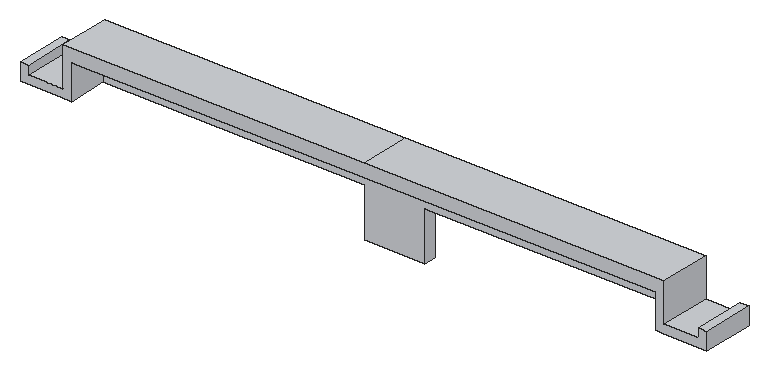
Revit family "Avion tipo 2", category Modelos genéricos, Revit 2024
Family settings
  Puede alojar armadura = No
  Cota de conector redondo = Usar diámetro
  Tipo de pieza = Normal
  Se basa en plano de trabajo = No
  Siempre vertical = Sí
  Corte con vacíos al cargar = No
  Mantener orientación de anotación = No
  Compartido = No
  Punto de cálculo de habitación = No
Parameters
  Elevación por defecto = 0 m
Reference planes (m)
  plane 1 "Centro (Frontal/Posterior)": y = 0
  plane 2: z = 0
  plane 3 "Centro (Izquierda/Derecha)": x = 0
Forms (m)
  Extrusion 1, solid
    sketch origin (0, 0, 0) x (1, 0, 0) y (0, 0, 1)
      loop
        line (-0.35, 0.015) -> (-0.35, -0.03) -> (-0.39, -0.03) -> (-0.39, -0.02) -> (-0.4, -0.02) -> (-0.4, -0.04) -> (-0.35, -0.04) -> (-0.34, -0.04) -> (-0.34, 0) -> (0.34, 0) -> (0.34, -0.04) -> (0.35, -0.04) -> (0.4, -0.04) -> (0.4, -0.02) -> (0.39, -0.02) -> (0.39, -0.03) -> (0.35, -0.03) -> (0.35, 0.015) -> (0, 0.015) -> (-0.35, 0.015)
    from 0 to 0.059841
  Extrusion 2, solid
    sketch origin (0, 0, 0) x (1, 0, 0) y (0, 1, 0)
      loop
        line (-0.34, -0.014182) -> (0.34, -0.014182) -> (0.34, 0) -> (-0.34, 0) -> (-0.34, -0.014182)
    from -0.04 to 0
  Extrusion 3, solid
    sketch origin (0, 0, 0) x (1, 0, 0) y (0, 1, 0)
      loop
        line (-0.035, -0.014182) -> (0.035, -0.014182) -> (0.035, 0) -> (-0.035, 0) -> (-0.035, -0.014182)
    from -0.097571 to -0.04
Cuts and joins
  joined: Extrusion 1, Extrusion 2, Extrusion 3
Dimensions and locks (m)
  aligned and locked: level to plane 2
